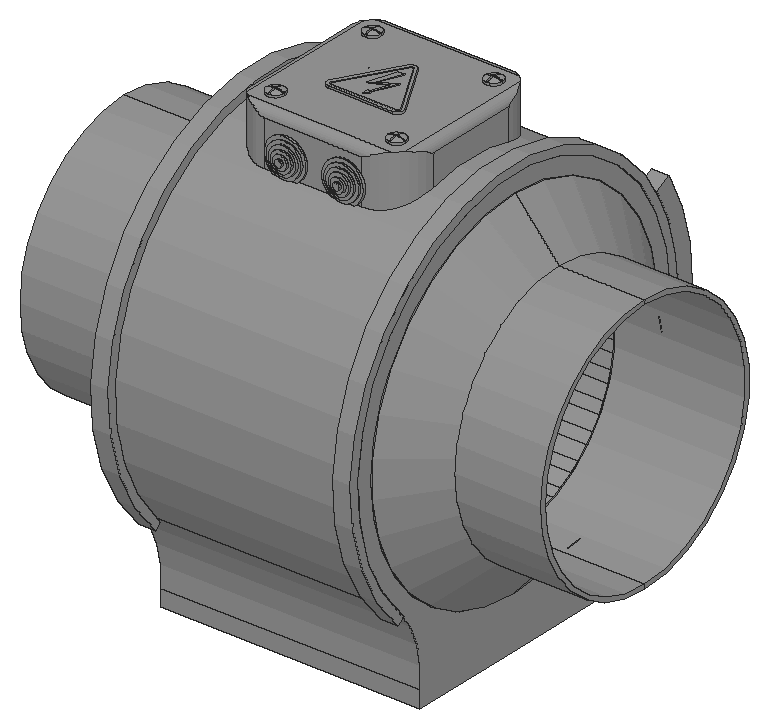
Revit family "Буст_ЕС_С_Eng", category Mechanical Equipment, Revit 2021
Family settings
  Round Connector Dimension = Use Diameter
  Classification = None
  Part Type = Normal
  Work Plane-Based = No
  Always vertical = Yes
  Cut with Voids When Loaded = No
  Shared = No
  Room Calculation Point = No
Parameters (values of type "BOOST  150 ЕС")
  Width = if(Frame_L, B1, C)  # 247 mm
  Voltage = 230 V  # constant formula
  Type Comments = ""
  Clam at an angle = no
  Temperature of moving air = "-25...+55°С"  # constant formula
  Sound pressure level at 3 m distance = "39 dBA"
  Pressure_Static_Air [instance] = 0.0 Pa
  Power = 54 W
  Number of Fase = 1  # constant formula
  Maximum Air Flow = 700.0 m³/h
  Load Classification = "HVAC"
  Handle 1 = Handle + 2 mm  # 31 mm
  Handle = (A - A1 * 2) / 2 - 1 mm  # 29 mm
  Length = B  # 301 mm
  Height = A  # 267 mm
  Frequency = 50 Hz  # constant formula
  Diameter = D  # 150 mm
  Default Elevation = 0 mm
  Frame_S = yes
  Frame_L = not(Frame_S)  # no
  Frame = Frame : 150
  Manufacturer = "Vents"  # constant formula
  Сonnector vert = not(Clam at an angle)  # yes
  b = B / 2  # 150.5 mm
  Z = 150 mm
  X = A1 - 10 mm  # 93.5 mm
  URL = "https://ventilation-system.com/series/boost-ec"
  R = D / 2  # 75 mm
  a = A / 2  # 133.5 mm
  Ry = Dy / 2  # 72.5 mm
  Maintenance zone material = none
  K = 50 mm
  Dy = D - 5 mm  # 145 mm
  Casing Material = Plastic, opaque, black
  D = 150 mm
  C = 247 mm
  B1 = 320 mm
  B = 301 mm
  Apparent Load = Amperage * Voltage  # 110.4 VA
  Amperage = 0.48 A
  Air Flow [instance] = 0.0 m³/h
  A2 = A1 * 2  # 207 mm
  A1 = 103.5 mm
  A = 267 mm
  09_System_Name [instance] = ""
  00_20_Type = "BOOST  150 ЕС"
  00_20_Name = "Inline mixed flow fan"  # constant formula
  00_20_Manufacturer = "Vents"  # constant formula
Types (17, lengths in mm): name | Width | Clam at an angle | Sound pressure level at 3 m distance | Power | Maximum Air Flow | Handle 1 | Handle | Length | Height | Diameter | Frame_S | Frame_L | Frame | Сonnector vert | b | Z | X | URL | R | a | Ry | Dy | D | C | B1 | B | Apparent Load | Amperage | A2 | A1 | A | 00_20_Type
  (no name) | 247 | no | "39 dBA" | 54 W | 700.0 m³/h | 31 | 29 | 301 | 267 | 150 | yes | no | Frame : 150 | yes | 150.5 | 150 | 93.5 | "https://ventilation-system.com/series/boost-ec" | 75 | 133.5 | 72.5 | 145 | 150 | 247 | 320 | 301 | 110.4 VA | 0.48 A | 207 | 103.5 | 267 | "BOOST  150 ЕС"
  BOOST  150 | 247 | no | "37 dBA" | 45 W | 600.0 m³/h | 31 | 29 | 301 | 267 | 150 | yes | no | Frame : 150 | yes | 150.5 | 150 | 93.5 | "https://ventilation-system.com/series/boost" | 75 | 133.5 | 72.5 | 145 | 150 | 247 | 320 | 301 | 46 VA | 0.2 A | 207 | 103.5 | 267 | "BOOST  150"
  BOOST  250 | 326 | no | "43 dBA" | 188 W | 1715.0 m³/h | 31 | 29 | 293 | 342 | 250 | yes | no | Frame : 250 | yes | 146.5 | 150 | 131 | "https://ventilation-system.com/series/boost" | 125 | 171 | 122.5 | 245 | 250 | 326 | 450 | 293 | 193.2 VA | 0.84 A | 282 | 141 | 342 | "BOOST  250"
  BOOST  160 | 251 | no | "37 dBA" | 45 W | 600.0 m³/h | 31 | 29 | 301 | 267 | 160 | yes | no | Frame : 160 | yes | 150.5 | 150 | 93.5 | "https://ventilation-system.com/series/boost" | 80 | 133.5 | 77.5 | 155 | 160 | 251 | 320 | 301 | 46 VA | 0.2 A | 207 | 103.5 | 267 | "BOOST  160"
  BOOST  200 | 293 | no | "42 dBA" | 113 W | 1140.0 m³/h | 31 | 29 | 302 | 308 | 200 | yes | no | Frame : 200 | yes | 151 | 150 | 114 | "https://ventilation-system.com/series/boost" | 100 | 154 | 97.5 | 195 | 200 | 293 | 400 | 302 | 117.3 VA | 0.51 A | 248 | 124 | 308 | "BOOST  200"
  BOOST  315 | 566 | yes | "43 dBA" | 150 W | 1140.0 m³/h | 17.5 | 15.5 | 468 | 439 | 310 | no | yes | Frame : 200 | no | 234 | 300 | 193 | "https://ventilation-system.com/series/boost" | 155 | 219.5 | 152.5 | 305 | 310 | 437 | 566 | 468 | 151.8 VA | 0.66 A | 406 | 203 | 439 | "BOOST  315"
  BOOST  355 | 566 | yes | "43 dBA" | 150 W | 2485.0 m³/h | 17.5 | 15.5 | 372 | 439 | 350 | no | yes | Frame : 200 | no | 186 | 250 | 193 | "https://ventilation-system.com/series/boost" | 175 | 219.5 | 172.5 | 345 | 350 | 437 | 566 | 372 | 151.8 VA | 0.66 A | 406 | 203 | 439 | "BOOST  355"
  BOOST  400 | 623 | yes | "43 dBA" | 224 W | 3350.0 m³/h | 18 | 16 | 415 | 484 | 395 | no | yes | Frame : 200 | no | 207.5 | 300 | 215 | "https://ventilation-system.com/series/boost" | 197.5 | 242 | 195 | 390 | 395 | 482 | 623 | 415 | 225.4 VA | 0.98 A | 450 | 225 | 484 | "BOOST  400"
  BOOST  150 ЕС | 247 | no | "39 dBA" | 54 W | 700.0 m³/h | 31 | 29 | 301 | 267 | 150 | yes | no | Frame : 150 | yes | 150.5 | 150 | 93.5 | "https://ventilation-system.com/series/boost-ec" | 75 | 133.5 | 72.5 | 145 | 150 | 247 | 320 | 301 | 110.4 VA | 0.48 A | 207 | 103.5 | 267 | "BOOST  150 ЕС"
  BOOST  160 ЕС | 251 | no | "39 dBA" | 54 W | 700.0 m³/h | 31 | 29 | 301 | 267 | 160 | yes | no | Frame : 160 | yes | 150.5 | 150 | 93.5 | "https://ventilation-system.com/series/boost-ec" | 80 | 133.5 | 77.5 | 155 | 160 | 251 | 320 | 301 | 110.4 VA | 0.48 A | 207 | 103.5 | 267 | "BOOST  160 ЕС"
  BOOST  200 ЕС | 293 | no | "50 dBA" | 121 W | 1250.0 m³/h | 31 | 29 | 302 | 308 | 200 | yes | no | Frame : 200 | yes | 151 | 150 | 114 | "https://ventilation-system.com/series/boost-ec" | 100 | 154 | 97.5 | 195 | 200 | 293 | 400 | 302 | 220.8 VA | 0.96 A | 248 | 124 | 308 | "BOOST  200 ЕС"
  BOOST  250 ЕС | 326 | no | "49 dBA" | 168 W | 1800.0 m³/h | 31 | 29 | 293 | 342 | 250 | yes | no | Frame : 250 | yes | 146.5 | 150 | 131 | "https://ventilation-system.com/series/boost-ec" | 125 | 171 | 122.5 | 245 | 250 | 326 | 450 | 293 | 308.2 VA | 1.34 A | 282 | 141 | 342 | "BOOST  250 ЕС"
  BOOST  315 ЕС | 566 | yes | "55 dBA" | 353 W | 3250.0 m³/h | 17.5 | 15.5 | 468 | 439 | 310 | no | yes | Frame : 200 | no | 234 | 300 | 193 | "https://ventilation-system.com/series/boost-ec" | 155 | 219.5 | 152.5 | 305 | 310 | 437 | 566 | 468 | 358.8 VA | 1.56 A | 406 | 203 | 439 | "BOOST  315 ЕС"
  BOOST  355 ЕС | 566 | yes | "55 dBA" | 353 W | 3685.0 m³/h | 17.5 | 15.5 | 372 | 439 | 350 | no | yes | Frame : 200 | no | 186 | 250 | 193 | "https://ventilation-system.com/series/boost-ec" | 175 | 219.5 | 172.5 | 345 | 350 | 437 | 566 | 372 | 358.8 VA | 1.56 A | 406 | 203 | 439 | "BOOST  355 ЕС"
  BOOST  400 ЕС | 623 | yes | "60 dBA" | 726 W | 5700.0 m³/h | 18 | 16 | 415 | 484 | 395 | no | yes | Frame : 200 | no | 207.5 | 300 | 215 | "https://ventilation-system.com/series/boost-ec" | 197.5 | 242 | 195 | 390 | 395 | 482 | 623 | 415 | 1104 VA | 4.8 A | 450 | 225 | 484 | "BOOST  400 ЕС"
  BOOST  315 ЕС С | 566 | yes | "55 dBA" | 353 W | 3250.0 m³/h | 17.5 | 15.5 | 468 | 439 | 310 | no | yes | Frame : 200 | no | 234 | 300 | 193 | "https://ventilation-system.com/series/boost-ec" | 155 | 219.5 | 152.5 | 305 | 310 | 437 | 566 | 468 | 358.8 VA | 1.56 A | 406 | 203 | 439 | "BOOST  315 ЕС С"
  BOOST  355 ЕС С | 566 | yes | "60 dBA" | 701 W | 4630.0 m³/h | 17.5 | 15.5 | 372 | 439 | 350 | no | yes | Frame : 200 | no | 186 | 250 | 193 | "https://ventilation-system.com/series/boost-ec" | 175 | 219.5 | 172.5 | 345 | 350 | 437 | 566 | 372 | 713 VA | 3.1 A | 406 | 203 | 439 | "BOOST  355 ЕС С"
Reference planes
  plane 1 "По центру (Вперед/Назад)": y = 0
  plane 2: z = 0
  plane 3 "По центру (Влево/Вправо)": x = 0
  plane 4: z = 133.5
  plane 5: x = 150.5
  plane 6: x = -150.5
  plane 7: x = 75
  plane 8: x = -75
  plane 9: z = 267
Forms (mm)
  Revolve 1, solid, material "Plastic, opaque, black" <- "Casing Material"
    sketch origin (0, 0, 0) x (1, 0, 0) y (0, 0, 1)
      loop
        line (75, 206) -> (150.5, 206) -> (150.5, 208.5) -> (100.5, 208.5) -> (75, 237) -> (75, 206)
      axis (150.5, 133.5) -> (75, 133.5)
    angle from 0 to 360
  Revolve 2, solid, material "Plastic, opaque, black" <- "Casing Material"
    sketch origin (0, 0, 0) x (-1, 0, 0) y (0, 0, -1)
      loop
        line (75, -206) -> (75, -237) -> (100.5, -208.5) -> (150.5, -208.5) -> (150.5, -206) -> (75, -206)
      axis (150.5, -133.5) -> (75, -133.5)
    angle from 0 to 360
  Revolve 3, solid, material "Plastic, opaque, black"
    sketch origin (0, 0, 0) x (1, 0, 0) y (0, 0, 1)
      loop
        line (-75, 206) -> (75, 206) -> (75, 237) -> (-75, 237) -> (-75, 206)
      axis (75, 133.5) -> (-75, 133.5)
    angle from 0 to 360
  Extrusion 4, solid, material "Plastic, opaque, black", visible <- "Frame_L"
    sketch origin (0, 0, 0) x (0, 1, 0) y (0, 0, 1)
      loop
        line (103.5, 133.5) -> (103.5, 112.885) -> (114.846, 5) -> (-114.846, 5) -> (-103.5, 112.885) -> (-103.5, 133.5) -> (-120, 5) -> (-160, 5) -> (-160, 0) -> (160, 0) -> (160, 5) -> (120, 5) -> (103.5, 133.5)
    from -75 to 75
Dimensions and locks
  "a": plane 4 to level
  "R": Revolve 1 sketch curve to plane 4
  "Ry": Revolve 1 sketch curve to plane 4
  "b": Revolve 1 sketch curve to plane 3 "По центру (Влево/Вправо)"
  "Ry": Revolve 2 sketch curve to plane 4
  "R": Revolve 2 sketch curve to plane 4
  equal spacing: plane 8, plane 3 "По центру (Влево/Вправо)", plane 7
  "Z": plane 8 to plane 7
  "K": plane 6 to Revolve 2 sketch curve
  "K": Revolve 1 sketch curve to plane 5
  locked: nested 2 to plane 7 at 75
  "a": nested 2 to level
  "A": plane 9 to level
  "Ry": Revolve 3 sketch curve to plane 4
  "A1": Revolve 3 sketch curve to plane 4
  "A1": Revolve 2 sketch curve to plane 4
  "A1": Revolve 1 sketch curve to plane 4
  equal spacing: Extrusion 4 sketch curve, plane 1 "По центру (Вперед/Назад)", Extrusion 4 sketch curve  (x2)
  "B1": Extrusion 4 sketch curve to Extrusion 4 sketch curve
  locked: Extrusion 4 sketch curve to Extrusion 4 sketch curve at 40  (x2)
  "b": plane 3 "По центру (Влево/Вправо)" to plane 5
  "b": plane 6 to plane 3 "По центру (Влево/Вправо)"
  "A2": Extrusion 4 sketch curve to Extrusion 4 sketch curve
  "X": nested 4 to plane 4
  "Handle 1": nested 5 to plane 9
  locked: nested 4 to plane 1 "По центру (Вперед/Назад)" (angle 45.00°)
  aligned and locked: level to plane 2
  aligned and locked: plane 3 "По центру (Влево/Вправо)" to nested 1
  aligned and locked: plane 1 "По центру (Вперед/Назад)" to nested 1
  aligned and locked: level to nested 1
  aligned and locked: plane 8 to Revolve 2
  aligned and locked: plane 7 to Revolve 1
  aligned and locked: plane 5 to Revolve 1
  aligned and locked: plane 6 to Revolve 2
  aligned and locked: plane 1 "По центру (Вперед/Назад)" to nested 2
  aligned and locked: nested 3 to plane 9
  aligned and locked: plane 8 to Extrusion 4
  aligned and locked: Extrusion 4 to plane 7
  aligned and locked: nested 5 to plane 1 "По центру (Вперед/Назад)"
  aligned and locked: plane 3 "По центру (Влево/Вправо)" to nested 5
Automatic sketch dimensions
  plane 7 to Revolve 1 sketch curve = 0 mm
  Revolve 1 sketch curve to plane 4 = 0 mm
  Revolve 1 sketch curve to plane 7 = 27.061 mm
  Revolve 1 sketch curve to Revolve 1 sketch curve = 12 mm
  plane 8 to Revolve 2 sketch curve = 0 mm
  Revolve 2 sketch curve to plane 4 = 0 mm
  plane 6 to Revolve 2 sketch curve = 0 mm
  Revolve 2 sketch curve to plane 6 = 22.439 mm
  plane 6 to Revolve 2 sketch curve = 7.561 mm
  plane 8 to Revolve 3 sketch curve = 0 mm
  Revolve 3 sketch curve to plane 4 = 0 mm
  plane 7 to Revolve 3 sketch curve = 0 mm
  Revolve 3 sketch curve to plane 8 = 35 mm
  Revolve 3 sketch curve to plane 3 "По центру (Влево/Вправо)" = 10 mm
  Extrusion 4 sketch curve to level = 0 mm
  Extrusion 4 sketch curve to plane 4 = 0 mm  (x2)
  level to Extrusion 4 sketch curve = 5 mm  (x3)
  Extrusion 4 sketch curve to Extrusion 4 sketch curve = 5.154 mm  (x2)
  Extrusion 4 sketch curve to plane 4 = 20.615 mm  (x2)
Nested families
  nested 1: "Frame" at (0, 0, 0), type <- "Frame", visible <- "Frame_S", type "150"
  nested 2: "Fan" at (0, 0, 133.5) x (0, -1, 0) z (-1, 0, 0), type "Fan"
    with R 72.5 mm, Dy 145 mm
  nested 3: "Electrical box" at (0, 0, 223), visible <- "Сonnector vert", type "100х100"
  nested 4: "Electrical box" at (0, -22.91, 242.819) x (1, 0, 0) z (0, -0.7071, 0.7071), visible <- "Clam at an angle", type "100х100"
  nested 5: "Handle_1" at (0, 0, 236) x (0, 1, 0) z (0, 0, 1), visible <- "Frame_L", type "Handle_1"
    with h 29 mm
Connectors
  hvac at (150.5, 0, 133.5), driven by "D"
    settings: on Revolve 1, index 1, duct flow 0.0 m³/h, flow factor 0, pres drop 0.0 Pa, loss coef 0, conn angle 0.00°, conn width 304.8 mm, conn height 304.8 mm, conn diameter 150 mm, duct sys type 3, conn prof type 0, flow config 0, flow direction 2, loss method 0, conn ref index -1, conn util no, is conn primary yes, conn desc ""
  hvac at (-150.5, 0, 133.5), driven by "D"
    settings: on Revolve 2, index 2, duct flow 0.0 m³/h, flow factor 0, pres drop 0.0 Pa, loss coef 0, conn angle 0.00°, conn width 304.8 mm, conn height 304.8 mm, conn diameter 150 mm, duct sys type 3, conn prof type 0, flow config 0, flow direction 1, loss method 0, conn ref index -1, conn util no, is conn primary no, conn desc ""
Definition of nested family "Frame"
  Parameters (values of type "250")
    a = A / 2  # 171 mm
    D = 245 mm
    C3 = C2 + 20 mm  # 356 mm
    C2 = C + 10 mm  # 336 mm
    C1 = C * 3 / 5  # 195.6 mm
    C = 326 mm
    Default Elevation = 0 mm
    B = 150 mm  # constant formula
    A = 342 mm
  Types (4, lengths in mm): name | a | D | C3 | C2 | C1 | C | A
    150 | 133.5 | 145 | 277 | 257 | 148.2 | 247 | 267
    250 | 171 | 245 | 356 | 336 | 195.6 | 326 | 342
    200 | 154 | 195 | 323 | 303 | 175.8 | 293 | 308
    160 | 133.5 | 155 | 281 | 261 | 150.6 | 251 | 267
  Reference planes
    plane 1 "По центру (Вперед/Назад)": y = 0
    plane 2: z = 0
    plane 3 "По центру (Влево/Вправо)": x = 0
    plane 4: y = -150
    plane 5: y = -150
    plane 6: x = 75
    plane 7: x = -75
  Forms (mm)
    Extrusion 1, solid
      sketch origin (0, 0, 0) x (0, 1, 0) y (0, 0, 1)
        loop
          line (0, 0) -> (97.8, 0) -> (97.8, 9.611)
          spline (97.8, 9.611) -> (97.587, 13.602) -> (97.649, 17.541) -> (97.988, 21.429) -> (98.603, 25.266) -> (99.495, 29.051) -> (100.662, 32.785) -> (102.105, 36.468) -> (103.825, 40.098) -> (105.821, 43.678) -> (108.092, 47.206) -> (110.64, 50.682) -> (113.464, 54.107)
          arc (113.464, 54.107) -> (-0.424, 334) -> (-113.324, 53.707) r 163
          spline (-113.324, 53.707) -> (-110.525, 50.313) -> (-108, 46.868) -> (-105.748, 43.372) -> (-103.771, 39.824) -> (-102.067, 36.226) -> (-100.636, 32.577) -> (-99.479, 28.877) -> (-98.596, 25.125) -> (-97.987, 21.323) -> (-97.651, 17.47) -> (-97.589, 13.566) -> (-97.8, 9.611)
          line (-97.8, 9.611) -> (-97.8, 0) -> (0, 0)
        loop
          circle (0, 171) r 122.5
      from -75 to 75
    Extrusion 2, solid
      sketch origin (0, 0, 0) x (0, 1, 0) y (0, 0, 1)
        loop
          line (112.612, 53.262) -> (116.449, 50.014)
          arc (116.449, 50.014) -> (-0.199, 339) -> (-116.547, 49.894) r 168
          line (-116.547, 49.894) -> (-112.639, 53.073)
          arc (-112.639, 53.073) -> (-0.249, 334) -> (112.612, 53.262) r 163
      from 65 to 75
    Extrusion 3, solid
      sketch origin (0, 0, 0) x (0, 1, 0) y (0, 0, 1)
        loop
          line (112.728, 53.265) -> (116.186, 49.654)
          arc (116.186, 49.654) -> (0, 339) -> (-116.186, 49.654) r 168
          line (-116.186, 49.654) -> (-112.854, 53.387)
          arc (-112.854, 53.387) -> (0.088, 334) -> (112.728, 53.265) r 163
      from -75 to -65
    Extrusion 4, solid
      sketch origin (0, 0, 0) x (0, 1, 0) y (0, 0, 1)
        loop
          line (168, 171) -> (178, 171)
          arc (178, 171) -> (173.781, 209.526) -> (161.323, 246.226) r 178
          line (161.323, 246.226) -> (152.26, 242)
          arc (152.26, 242) -> (164.018, 207.362) -> (168, 171) r 168
      from -75 to -65
    Extrusion 5, solid
      sketch origin (0, 0, 0) x (0, 1, 0) y (0, 0, -1)
        loop
          arc (168, -171) -> (164.018, -207.362) -> (152.26, -242) r 168
          line (152.26, -242) -> (161.325, -246.221)
          arc (161.325, -246.221) -> (173.781, -209.524) -> (178, -171) r 178
          line (178, -171) -> (168, -171)
      from -75 to -65
  Dimensions and locks
    equal spacing: Extrusion 1 sketch curve, plane 1 "По центру (Вперед/Назад)", Extrusion 1 sketch curve
    "C1": Extrusion 1 sketch curve to Extrusion 1 sketch curve
    Extrusion 1 sketch curve to level = 9.611 mm  (x2)
    "a": Extrusion 1 sketch curve to level  (x2)
    plane 3 "По центру (Влево/Вправо)" to Extrusion 1 = 75 mm
    locked: Extrusion 2 to Extrusion 2 at 10
    "a": Extrusion 2 sketch curve to level  (x2)
    locked: plane 1 "По центру (Вперед/Назад)" to plane 4 at 150
    locked: Extrusion 2 sketch curve to plane 4 at 149.887
    locked: Extrusion 2 sketch curve to plane 4 at 149.888
    "a": Extrusion 3 sketch curve to level  (x2)
    locked: plane 1 "По центру (Вперед/Назад)" to plane 5 at 150
    locked: Extrusion 3 sketch curve to plane 5 at 150  (x2)
    locked: Extrusion 3 sketch curve to level at 49.654  (x2)
    locked: Extrusion 3 to Extrusion 3 at 10
    locked: Extrusion 2 sketch curve to level at 50.014
    locked: Extrusion 2 sketch curve to level at 49.894
    "a": Extrusion 4 sketch curve to level  (x3)
    equal spacing: plane 7, plane 3 "По центру (Влево/Вправо)", plane 6
    "B": plane 7 to plane 6
    locked: plane 7 to Extrusion 4 at 10
    "a": Extrusion 5 sketch curve to level
    "D": diameter of Extrusion 1 sketch curve
    "C": diameter of Extrusion 1 sketch curve
    "C": diameter of Extrusion 2 sketch curve
    "C2": diameter of Extrusion 2 sketch curve
    "C": diameter of Extrusion 3 sketch curve
    "C2": diameter of Extrusion 3 sketch curve
    "C3": diameter of Extrusion 4 sketch curve
    "C2": diameter of Extrusion 4 sketch curve
    "C3": diameter of Extrusion 5 sketch curve
    "C2": diameter of Extrusion 5 sketch curve
    angle Extrusion 4 sketch curve to Extrusion 4 sketch curve = 25.00°
    aligned and locked: level to plane 2
    aligned and locked: Extrusion 2 to Extrusion 1
    aligned and locked: Extrusion 3 to Extrusion 1
    aligned and locked: plane 7 to Extrusion 3
    aligned and locked: Extrusion 2 to plane 6
    aligned and locked: plane 7 to Extrusion 4
  Automatic sketch dimensions
    Extrusion 1 sketch curve to level = 0 mm
    Extrusion 1 sketch curve to plane 1 "По центру (Вперед/Назад)" = 0 mm  (x2)
    Extrusion 1 sketch curve to Extrusion 1 sketch curve = 15.524 mm
    Extrusion 1 sketch curve to Extrusion 1 sketch curve = 0.136 mm
    level to Extrusion 1 sketch curve = 54.107 mm
    Extrusion 2 sketch curve to Extrusion 2 sketch curve = 3.908 mm
    level to Extrusion 2 sketch curve = 53.262 mm
    Extrusion 3 sketch curve to Extrusion 3 sketch curve = 3.331 mm
    level to Extrusion 3 sketch curve = 53.265 mm
    Extrusion 3 sketch curve to Extrusion 3 sketch curve = 0 mm  (x2)
    Extrusion 4 sketch curve to Extrusion 4 sketch curve = 0 mm
    Extrusion 4 sketch curve to plane 1 "По центру (Вперед/Назад)" = 0 mm
    Extrusion 4 sketch curve to Extrusion 4 sketch curve = 15.74 mm
    Extrusion 5 sketch curve to Extrusion 5 sketch curve = 0 mm
    Extrusion 5 sketch curve to plane 1 "По центру (Вперед/Назад)" = 0 mm
    Extrusion 5 sketch curve to Extrusion 5 sketch curve = 15.74 mm
    Extrusion 5 sketch curve to Extrusion 5 sketch curve = 9.065 mm
Definition of nested family "Fan"
  Parameters (values of type "Вентилятор")
    Default Elevation = 0 mm
    n = 8
    R = Dy / 2  # 115 mm
    Dy = 230 mm
  Reference planes
    plane 1 "По центру (Вперед/Назад)": y = 0
    plane 2: z = 0
    plane 3 "По центру (Влево/Вправо)": x = 0
  Forms (mm)
    Extrusion 1, solid
      sketch origin (5, 0, 0) x (1, 0, 0) y (0, 0, 1)
        loop
          arc (-1.417, 0) -> (-5.784, 15.673) -> (-3.327, 31.756) r 38.725
          arc (-3.327, 31.756) -> (-13.26, 17.281) -> (-10.167, 0) r 23.13
          line (-10.167, 0) -> (-1.417, 0)
      from 40 to 115 <- "R"
    Extrusion 2, solid
      sketch origin (3.536, -3.536, 0) x (0.707107, -0.707107, 0) y (0, 0, 1)
        loop
          arc (-1.417, 0) -> (-5.784, 15.673) -> (-3.327, 31.756) r 38.725
          arc (-3.327, 31.756) -> (-13.26, 17.281) -> (-10.167, 0) r 23.13
          line (-10.167, 0) -> (-1.417, 0)
      from 40 to 115 <- "R"
    Extrusion 3, solid
      sketch origin (3.536, 3.536, 0) x (0.707107, 0.707107, 0) y (0, 0, 1)
        loop
          arc (-1.417, 0) -> (-5.784, 15.673) -> (-3.327, 31.756) r 38.725
          arc (-3.327, 31.756) -> (-13.26, 17.281) -> (-10.167, 0) r 23.13
          line (-10.167, 0) -> (-1.417, 0)
      from 40 to 115 <- "R"
    Extrusion 4, solid
      sketch origin (0, 5, 0) x (0, 1, 0) y (0, 0, 1)
        loop
          arc (-1.417, 0) -> (-5.784, 15.673) -> (-3.327, 31.756) r 38.725
          arc (-3.327, 31.756) -> (-13.26, 17.281) -> (-10.167, 0) r 23.13
          line (-10.167, 0) -> (-1.417, 0)
      from 40 to 115 <- "R"
    Extrusion 5, solid
      sketch origin (-3.536, 3.536, 0) x (-0.707107, 0.707107, 0) y (0, 0, 1)
        loop
          arc (-1.417, 0) -> (-5.784, 15.673) -> (-3.327, 31.756) r 38.725
          arc (-3.327, 31.756) -> (-13.26, 17.281) -> (-10.167, 0) r 23.13
          line (-10.167, 0) -> (-1.417, 0)
      from 40 to 115 <- "R"
    Extrusion 6, solid
      sketch origin (-5, 0, 0) x (-1, 0, 0) y (0, 0, 1)
        loop
          arc (-1.417, 0) -> (-5.784, 15.673) -> (-3.327, 31.756) r 38.725
          arc (-3.327, 31.756) -> (-13.26, 17.281) -> (-10.167, 0) r 23.13
          line (-10.167, 0) -> (-1.417, 0)
      from 40 to 115 <- "R"
    Extrusion 7, solid
      sketch origin (-3.536, -3.536, 0) x (-0.707107, -0.707107, 0) y (0, 0, 1)
        loop
          arc (-1.417, 0) -> (-5.784, 15.673) -> (-3.327, 31.756) r 38.725
          arc (-3.327, 31.756) -> (-13.26, 17.281) -> (-10.167, 0) r 23.13
          line (-10.167, 0) -> (-1.417, 0)
      from 40 to 115 <- "R"
    Extrusion 8, solid
      sketch origin (0, -5, 0) x (0, -1, 0) y (0, 0, 1)
        loop
          arc (-1.417, 0) -> (-5.784, 15.673) -> (-3.327, 31.756) r 38.725
          arc (-3.327, 31.756) -> (-13.26, 17.281) -> (-10.167, 0) r 23.13
          line (-10.167, 0) -> (-1.417, 0)
      from 40 to 115 <- "R"
    Revolve 9, solid
      sketch origin (0, 0, 0) x (1, 0, 0) y (0, 0, 1)
        loop
          line (0, -23.244) -> (41.875, -23.244) -> (41.875, 39.154)
          arc (41.875, 39.154) -> (22.057, 49.271) -> (0, 52.198) r 65.736
          line (0, 52.198) -> (0, -23.244)
        axis (0, 52.198) -> (0, -23.244)
      angle from 0 to 360
  Dimensions and locks
    aligned and locked: level to plane 2
  Automatic sketch dimensions
    Extrusion 1 sketch curve to Extrusion 1 sketch curve = 8.75 mm
    Extrusion 1 sketch curve to Extrusion 1 sketch curve = 10.768 mm
    Extrusion 1 sketch curve to Extrusion 1 sketch curve = 23.52 mm
    Extrusion 1 sketch curve to Extrusion 1 sketch curve = 12.411 mm
    Extrusion 1 sketch curve to Extrusion 1 sketch curve = 5.588 mm
    Extrusion 2 sketch curve to Extrusion 2 sketch curve = 8.75 mm
    Extrusion 2 sketch curve to Extrusion 2 sketch curve = 10.768 mm
    Extrusion 2 sketch curve to Extrusion 2 sketch curve = 23.52 mm
    Extrusion 2 sketch curve to Extrusion 2 sketch curve = 12.411 mm
    Extrusion 2 sketch curve to Extrusion 2 sketch curve = 5.588 mm
    Extrusion 3 sketch curve to Extrusion 3 sketch curve = 8.75 mm
    Extrusion 3 sketch curve to Extrusion 3 sketch curve = 10.768 mm
    Extrusion 3 sketch curve to Extrusion 3 sketch curve = 23.52 mm
    Extrusion 3 sketch curve to Extrusion 3 sketch curve = 12.411 mm
    Extrusion 3 sketch curve to Extrusion 3 sketch curve = 5.588 mm
    Extrusion 4 sketch curve to Extrusion 4 sketch curve = 8.75 mm
    Extrusion 4 sketch curve to Extrusion 4 sketch curve = 10.768 mm
    Extrusion 4 sketch curve to Extrusion 4 sketch curve = 23.52 mm
    Extrusion 4 sketch curve to Extrusion 4 sketch curve = 12.411 mm
    Extrusion 4 sketch curve to Extrusion 4 sketch curve = 5.588 mm
    Extrusion 5 sketch curve to Extrusion 5 sketch curve = 8.75 mm
    Extrusion 5 sketch curve to Extrusion 5 sketch curve = 10.768 mm
    Extrusion 5 sketch curve to Extrusion 5 sketch curve = 23.52 mm
    Extrusion 5 sketch curve to Extrusion 5 sketch curve = 12.411 mm
    Extrusion 5 sketch curve to Extrusion 5 sketch curve = 5.588 mm
    Extrusion 6 sketch curve to Extrusion 6 sketch curve = 8.75 mm
    Extrusion 6 sketch curve to Extrusion 6 sketch curve = 10.768 mm
    Extrusion 6 sketch curve to Extrusion 6 sketch curve = 23.52 mm
    Extrusion 6 sketch curve to Extrusion 6 sketch curve = 12.411 mm
    Extrusion 6 sketch curve to Extrusion 6 sketch curve = 5.588 mm
    Extrusion 7 sketch curve to Extrusion 7 sketch curve = 8.75 mm
    Extrusion 7 sketch curve to Extrusion 7 sketch curve = 10.768 mm
    Extrusion 7 sketch curve to Extrusion 7 sketch curve = 23.52 mm
    Extrusion 7 sketch curve to Extrusion 7 sketch curve = 12.411 mm
    Extrusion 7 sketch curve to Extrusion 7 sketch curve = 5.588 mm
    Extrusion 8 sketch curve to Extrusion 8 sketch curve = 8.75 mm
    Extrusion 8 sketch curve to Extrusion 8 sketch curve = 10.768 mm
    Extrusion 8 sketch curve to Extrusion 8 sketch curve = 23.52 mm
    Extrusion 8 sketch curve to Extrusion 8 sketch curve = 12.411 mm
    Extrusion 8 sketch curve to Extrusion 8 sketch curve = 5.588 mm
    Revolve 9 sketch curve to plane 3 "По центру (Влево/Вправо)" = 0 mm  (x2)
    plane 3 "По центру (Влево/Вправо)" to Revolve 9 sketch curve = 2.509 mm
    Revolve 9 sketch curve to Revolve 9 sketch curve = 39.366 mm
    Revolve 9 sketch curve to level = 23.244 mm
    Revolve 9 sketch curve to Revolve 9 sketch curve = 9.754 mm
    level to Revolve 9 sketch curve = 39.154 mm
    Revolve 9 sketch curve to Revolve 9 sketch curve = 17.198 mm
    Revolve 9 sketch curve to Revolve 9 sketch curve = 12.198 mm
Definition of nested family "Electrical box"
  Parameters (values of type "100х100")
    Ш1 = Ш / 2 - 15 mm  # 35 mm
    Ш = 100 mm
    Default Elevation = 0 mm
    Д1 = Д / 2 - 15 mm  # 35 mm
    Д = 100 mm
    Л = Д / 6  # 16.667 mm
    h = H / 2  # 21.5 mm
    H = 43 mm
  Reference planes
    plane 1 "По центру (Вперед/Назад)": y = 0
    plane 2: z = 0
    plane 3 "По центру (Влево/Вправо)": x = 0
  Forms (mm)
    Extrusion 1, solid
      sketch origin (0, 0, 0) x (1, 0, 0) y (0, 1, 0)
        loop
          arc (-27, 50) -> (-43.263, 43.263) -> (-50, 27) r 23
          line (-50, 27) -> (-50, -30)
          arc (-50, -30) -> (-44.142, -44.142) -> (-30, -50) r 20
          line (-30, -50) -> (27, -50)
          arc (27, -50) -> (43.263, -43.263) -> (50, -27) r 23
          line (50, -27) -> (50, 27)
          arc (50, 27) -> (43.263, 43.263) -> (27, 50) r 23
          line (27, 50) -> (-27, 50)
      from 0 to 43 <- "H"
    Sweep 2, void
      path in 3D
        loop
          line (-50, 50, 43) -> (-50, -50, 43) -> (50, -50, 43) -> (50, 50, 43) -> (-50, 50, 43)
      profile origin (0, 50, 43) x (0, -1, 0) y (0, 0, 1)
        loop
          line (5, 0) -> (0, 0) -> (0, -5)
          arc (0, -5) -> (1.464, -1.464) -> (5, 0) r 5
    Extrusion 3, void
      sketch origin (0, 0, 0) x (1, 0, 0) y (0, 0, 1)
        loop
          circle (16.667, 21.5) r 10
        loop
          circle (-16.667, 21.5) r 10
      from 45 to 50
    Extrusion 4, void
      sketch origin (0, 0, 0) x (1, 0, 0) y (0, 0, 1)
        loop
          circle (16.667, 21.5) r 10
        loop
          circle (-16.667, 21.5) r 10
      from -50 to -45
  Cuts and joins
    Sweep 2, Extrusion 3, Extrusion 4 cuts Extrusion 1
  Lines and regions (mm)
    sketch lines
      curve 1: line (50, 50, 43) -> (-50, 50, 43)
      curve 2: line (50, -50, 43) -> (50, 50, 43)
      curve 3: line (-50, -50, 43) -> (50, -50, 43)
      curve 4: line (-50, 50, 43) -> (-50, -50, 43)
  Dimensions and locks
    "Д": Extrusion 1 sketch curve to Extrusion 1 sketch curve
    "Ш": Extrusion 1 sketch curve to Extrusion 1 sketch curve
    equal spacing: Extrusion 1 sketch curve, plane 3 "По центру (Влево/Вправо)", Extrusion 1 sketch curve
    equal spacing: Extrusion 1 sketch curve, plane 1 "По центру (Вперед/Назад)", Extrusion 1 sketch curve
    "Д1": nested 2 to plane 3 "По центру (Влево/Вправо)"
    "Д1": plane 3 "По центру (Влево/Вправо)" to nested 1
    "Д1": nested 4 to plane 3 "По центру (Влево/Вправо)"
    "Д1": plane 3 "По центру (Влево/Вправо)" to nested 3
    "Ш1": nested 3 to plane 1 "По центру (Вперед/Назад)"
    "Ш1": plane 1 "По центру (Вперед/Назад)" to nested 1
    "Ш1": nested 4 to plane 1 "По центру (Вперед/Назад)"
    "Ш1": plane 1 "По центру (Вперед/Назад)" to nested 2
    "h": level to Extrusion 3 sketch curve  (x2)
    "Л": plane 3 "По центру (Влево/Вправо)" to Extrusion 3 sketch curve
    "Л": Extrusion 3 sketch curve to plane 3 "По центру (Влево/Вправо)"
    "h": level to Extrusion 4 sketch curve  (x2)
    "Л": Extrusion 4 sketch curve to plane 3 "По центру (Влево/Вправо)"
    "Л": plane 3 "По центру (Влево/Вправо)" to Extrusion 4 sketch curve
    "Л": nested 6 to plane 3 "По центру (Влево/Вправо)"
    "Л": nested 5 to plane 3 "По центру (Влево/Вправо)"
    "Л": plane 3 "По центру (Влево/Вправо)" to nested 7
    "Л": plane 3 "По центру (Влево/Вправо)" to nested 8
    radius of Extrusion 4 sketch curve = 10 mm
    aligned and locked: level to plane 2
    aligned and locked: Extrusion 1 to Extrusion 3
    aligned and locked: Sweep 2 to Extrusion 3
    aligned and locked: Extrusion 1 to Extrusion 4
    aligned and locked: Extrusion 4 to Sweep 2
    aligned and locked: cut or joined group of Extrusion 1, Sweep 2, Extrusion 3, Extrusion 4 to nested 5
    aligned and locked: nested 6 to cut or joined group of Extrusion 1, Sweep 2, Extrusion 3, Extrusion 4
    aligned and locked: cut or joined group of Extrusion 1, Sweep 2, Extrusion 3, Extrusion 4 to nested 8
    aligned and locked: plane 3 "По центру (Влево/Вправо)" to nested 9
  Automatic sketch dimensions
    Sweep 2 sketch curve to profile plane = 0 mm  (x2)
    Sweep 2 sketch curve to profile plane = 5 mm
    Extrusion 1 sketch curve to Extrusion 1 sketch curve = 20 mm
    Extrusion 1 sketch curve to plane 3 "По центру (Влево/Вправо)" = 27 mm
    plane 3 "По центру (Влево/Вправо)" to Extrusion 1 sketch curve = 27 mm
    Extrusion 1 sketch curve to Extrusion 1 sketch curve = 23 mm
    radius of Extrusion 3 sketch curve = 10 mm  (x2)
    radius of Extrusion 4 sketch curve = 10 mm
  Nested families
    nested 1: "Винт" at (35, 35, 43), built-in parameter 1001364 <- "H", type "Винт"
    nested 2: "Винт" at (-35, 35, 43), built-in parameter 1001364 <- "H", type "Винт"
    nested 3: "Винт" at (35, -35, 43), built-in parameter 1001364 <- "H", type "Винт"
    nested 4: "Винт" at (-35, -35, 43), built-in parameter 1001364 <- "H", type "Винт"
    nested 5: "Заглушка" at (-16.667, 46, 21.5) x (0, 0, -1) z (0, 1, 0), built-in parameter 1001360 <- "h", type "Заглушка"
    nested 6: "Заглушка" at (-16.667, -46, 21.5) x (0, 0, -1) z (0, -1, 0), built-in parameter 1001360 <- "h", type "Заглушка"
    nested 7: "Заглушка" at (16.667, 46, 21.5) x (0, 0, -1) z (0, 1, 0), built-in parameter 1001360 <- "h", type "Заглушка"
    nested 8: "Заглушка" at (16.667, -46, 21.5) x (0, 0, -1) z (0, -1, 0), built-in parameter 1001360 <- "h", type "Заглушка"
    nested 9: "Электрика" at (0, 3.125, 43), built-in parameter 1001360 <- "H", type "Электрика"
  Definition of nested family "Винт"
    Parameters (values of type "Винт")
      Default Elevation = 0 mm
    Reference planes
      plane 1 "По центру (Вперед/Назад)": y = 0
      plane 2: z = 0
      plane 3 "По центру (Влево/Вправо)": x = 0
    Forms (mm)
      Revolve 1, solid
        sketch origin (0, 0, 0) x (1, 0, 0) y (0, 0, 1)
          loop
            line (0, -20) -> (2.5, -20) -> (2.5, 0) -> (5, 0) -> (5, 0.988)
            arc (5, 0.988) -> (2.589, 1.966) -> (0, 2.235) r 9.254
            line (0, 2.235) -> (0, -20)
          axis (0, 2.235) -> (0, -20)
        angle from 0 to 360
      Extrusion 2, void
        sketch origin (0, -0.137, 0) x (1, 0, 0) y (0, 1, 0)
          loop
            line (-0.439, -5.142) -> (0.455, -5.142) -> (0.455, -0.343) -> (5.265, -0.343) -> (5.265, 0.594) -> (0.455, 0.594) -> (0.455, 5.38) -> (-0.439, 5.38) -> (-0.439, 0.594) -> (-5.291, 0.594) -> (-5.291, -0.343) -> (-0.439, -0.343) -> (-0.439, -5.142)
        from 0.988 to 3.071
    Cuts and joins
      Extrusion 2 cuts Revolve 1
    Dimensions and locks
      aligned and locked: level to plane 2
      aligned and locked: Extrusion 2 to Revolve 1
  Definition of nested family "Заглушка"
    Parameters (values of type "Заглушка")
      Default Elevation = 0 mm
    Reference planes
      plane 1 "По центру (Вперед/Назад)": y = 0
      plane 2: z = 0
      plane 3 "По центру (Влево/Вправо)": x = 0
    Forms (mm)
      Extrusion 1, solid
        sketch origin (0, 0, 0) x (1, 0, 0) y (0, 1, 0)
          loop
            circle (0, 0) r 12
        from 4 to 5
      Extrusion 2, solid
        sketch origin (0, 0, 0) x (1, 0, 0) y (0, 1, 0)
          loop
            circle (0, 0) r 10
        from 5 to 6
      Extrusion 3, solid
        sketch origin (0, 0, 0) x (1, 0, 0) y (0, 1, 0)
          loop
            circle (0, 0) r 8
        from 6 to 7
      Extrusion 4, solid
        sketch origin (0, 0, 0) x (1, 0, 0) y (0, 1, 0)
          loop
            circle (0, 0) r 6
        from 7 to 8
      Extrusion 5, solid
        sketch origin (0, 0, 0) x (1, 0, 0) y (0, 1, 0)
          loop
            circle (0, 0) r 4
        from 8 to 9
      Extrusion 6, solid
        sketch origin (0, 0, 0) x (1, 0, 0) y (0, 1, 0)
          loop
            circle (0, 0) r 2
        from 9 to 10
    Dimensions and locks
      aligned and locked: level to plane 2
  Definition of nested family "Электрика"
    Parameters (values of type "Электрика")
      Default Elevation = 0 mm
    Reference planes
      plane 1 "По центру (Вперед/Назад)": y = 0
      plane 2: z = 0
      plane 3 "По центру (Влево/Вправо)": x = 0
    Forms (mm)
      Extrusion 1, solid
        sketch origin (0, -20.999, 0) x (1, 0, 0) y (0, 1, 0)
          loop
            line (0, 0.664) -> (18.543, 0.664)
            arc (18.543, 0.664) -> (21.349, 1.985) -> (22.119, 4.99) r 3.641
            line (22.119, 4.99) -> (2.806, 38.44)
            arc (2.806, 38.44) -> (0, 39.762) -> (-2.806, 38.44) r 3.641
            line (-2.806, 38.44) -> (-22.119, 4.99)
            arc (-22.119, 4.99) -> (-21.349, 1.985) -> (-18.543, 0.664) r 3.641
            line (-18.543, 0.664) -> (0, 0.664)
          loop
            arc (-20.055, 4.565) -> (-19.717, 3.245) -> (-18.484, 2.664) r 1.6
            line (-18.484, 2.664) -> (18.396, 2.664)
            arc (18.396, 2.664) -> (19.729, 3.379) -> (19.87, 4.885) r 1.6
            line (19.87, 4.885) -> (1.2, 37.223)
            arc (1.2, 37.223) -> (0.104, 37.807) -> (-1.079, 37.432) r 1.6
            line (-1.079, 37.432) -> (-20.055, 4.565)
        from 0 to 1
      Extrusion 2, solid
        sketch origin (0, -20.999, 0) x (1, 0, 0) y (0, 1, 0)
          loop
            line (1.519, 30.846) -> (-2.718, 30.846) -> (-7.387, 14.53) -> (2.226, 19.012) -> (-1.819, 8.947) -> (-2.667, 9.352) -> (-2.823, 5.949) -> (-0.273, 8.208) -> (-1.096, 8.601) -> (5.366, 22.132) -> (-4.385, 17.585) -> (1.519, 30.846)
        from 0 to 1
      Extrusion 3, solid
        sketch origin (0, -20.999, 0) x (1, 0, 0) y (0, 1, 0)
          loop
            line (-1.079, 37.432) -> (-20.055, 4.565)
            arc (-20.055, 4.565) -> (-19.717, 3.245) -> (-18.484, 2.664) r 1.6
            line (-18.484, 2.664) -> (18.396, 2.664)
            arc (18.396, 2.664) -> (19.781, 3.464) -> (19.781, 5.064) r 1.6
            line (19.781, 5.064) -> (1.296, 37.092)
            arc (1.296, 37.092) -> (0.185, 37.798) -> (-1.079, 37.432) r 1.6
        from 0 to 0.9
    Dimensions and locks
      aligned and locked: level to plane 2
Definition of nested family "Handle_1"
  Parameters (values of type "Ручка_1")
    Default Elevation = 0 mm
    h = 15 mm
  Reference planes
    plane 1 "По центру (Вперед/Назад)": y = 0
    plane 2: z = 0
    plane 3 "По центру (Влево/Вправо)": x = 0
  Forms (mm)
    Sweep 1, solid
      path origin (0, 0, 0) x (0, 1, 0) y (0, 0, 1)
        loop
          line (70, 0) -> (55, 0)
          arc (55, 0) -> (51.464, 1.464) -> (50, 5) r 5
          line (50, 5) -> (50, 6)
          arc (50, 6) -> (47.364, 12.364) -> (41, 15) r 9
          line (41, 15) -> (-45, 15)
          arc (-45, 15) -> (-48.536, 13.536) -> (-50, 10) r 5
          line (-50, 10) -> (-50, 5)
          arc (-50, 5) -> (-51.464, 1.464) -> (-55, 0) r 5
          line (-55, 0) -> (-70, 0)
      profile origin (0, 62.5, 0) x (0, 0, -1) y (1, 0, 0)
        loop
          line (0, 10) -> (-1, 10)
          arc (-1, 10) -> (-1.707, 9.707) -> (-2, 9) r 1
          line (-2, 9) -> (-2, -9)
          arc (-2, -9) -> (-1.707, -9.707) -> (-1, -10) r 1
          line (-1, -10) -> (0, -10) -> (0, 10)
  Dimensions and locks
    "h": Sweep 1 sketch curve to Sweep 1 sketch curve
    Sweep 1 sketch curve to plane 1 "По центру (Вперед/Назад)" = 50 mm
    plane 1 "По центру (Вперед/Назад)" to Sweep 1 sketch curve = 50 mm
    aligned and locked: level to plane 2
  Automatic sketch dimensions
    Sweep 1 sketch curve to profile plane = 0 mm
    profile plane to Sweep 1 sketch curve = 1 mm  (x2)
    Sweep 1 sketch curve to Sweep 1 sketch curve = 1 mm
    Sweep 1 sketch curve to plane 3 "По центру (Влево/Вправо)" = 10 mm
    plane 3 "По центру (Влево/Вправо)" to Sweep 1 sketch curve = 9 mm
    Sweep 1 sketch curve to level = 0 mm  (x2)
    Sweep 1 sketch curve to Sweep 1 sketch curve = 5 mm  (x3)
    level to Sweep 1 sketch curve = 6 mm
    Sweep 1 sketch curve to Sweep 1 sketch curve = 15 mm  (x2)
  Nested families
    nested 1: "Винт" at (0, 62, 2), type "Винт"
    nested 2: "Винт" at (0, -62, 2), type "Винт"
  Definition of nested family "Винт"
    Parameters (values of type "Винт")
      Default Elevation = 0 mm
    Reference planes
      plane 1 "По центру (Вперед/Назад)": y = 0
      plane 2: z = 0
      plane 3 "По центру (Влево/Вправо)": x = 0
    Forms (mm)
      Revolve 1, solid
        sketch origin (0, 0, 0) x (1, 0, 0) y (0, 0, 1)
          loop
            line (0, -20) -> (2.5, -20) -> (2.5, 0) -> (5, 0) -> (5, 0.988)
            arc (5, 0.988) -> (2.589, 1.966) -> (0, 2.235) r 9.254
            line (0, 2.235) -> (0, -20)
          axis (0, 2.235) -> (0, -20)
        angle from 0 to 360
      Extrusion 2, void
        sketch origin (0, -0.137, 0) x (1, 0, 0) y (0, 1, 0)
          loop
            line (-0.439, -5.142) -> (0.455, -5.142) -> (0.455, -0.343) -> (5.265, -0.343) -> (5.265, 0.594) -> (0.455, 0.594) -> (0.455, 5.38) -> (-0.439, 5.38) -> (-0.439, 0.594) -> (-5.291, 0.594) -> (-5.291, -0.343) -> (-0.439, -0.343) -> (-0.439, -5.142)
        from 0.988 to 3.071
    Cuts and joins
      Extrusion 2 cuts Revolve 1
    Dimensions and locks
      aligned and locked: level to plane 2
      aligned and locked: Extrusion 2 to Revolve 1
